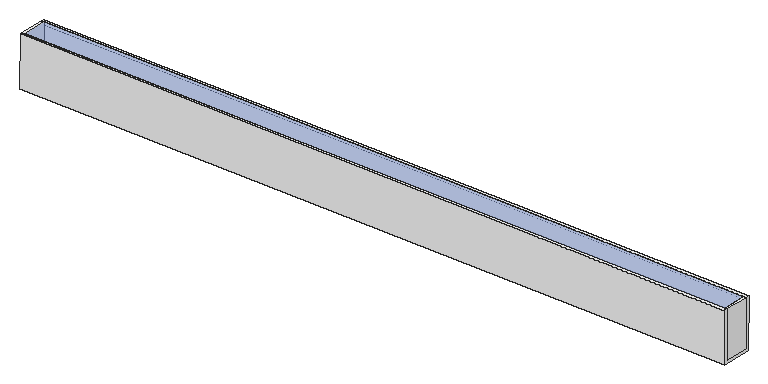
Revit family "NBS_GnrlPrpseLmnrs_StripLight", category Lighting Fixtures, host Face, Revit 2016
Family settings
  Host = Face
  Part Type = Normal
  Round Connector Dimension = Use Diameter
  Cut with Voids When Loaded = No
  Light Source = Yes
  Shared = No
  Room Calculation Point = No
Parameters (values of type "Recessed")
  Wattage = 13.4642 W
  WarrantyStartDate [instance] = "1900-12-31T23:59:59"
  WarrantyGuarantorParts = "n/a"
  WarrantyGuarantorLabor = "n/a"
  WarrantyDurationUnit = "year"
  WarrantyDurationParts = "n/a"
  WarrantyDurationLabor = "n/a"
  WarrantyDescription = "n/a"
  built-in parameter 1150110 = 1 (stored number, unit not read)
  Version = "2"  # constant formula
  Uniclass2015Version = "Products v1.10"  # constant formula
  Uniclass2015Title = "Recessed luminaires"
  Uniclass2015Code = "Pr_70_70_48_71"
  URL = "www.nationalbimlibrary.com"
  TotalWattage = 0
  built-in parameter 1114217 = 1 (stored number, unit not read)
  Tilt Angle = 90.00°
  built-in parameter 1150109 = 1 (stored number, unit not read)
  built-in parameter 1150134 = 3
  TagNumber [instance] = "n/a"
  SustainabilityPerformance = "n/a"
  SurfaceMounted = no
  built-in parameter 1150113 = 1 (stored number, unit not read)
  Status = "UNSET"
  Size = "1450 x 60 x 100 mm"
  Shape = "n/a"
  SerialNumber [instance] = "n/a"
  SensibleLoadToRadiant = 0
  Revision = "n/a"
  ReplacementCost = "n/a"
  Reference = "n/a"
  Recessed = yes
  Width = 60.00 mm
  RightEndCap [instance] = yes
  RatedVoltage = 0
  RatedCurrent = 0
  ProductInformation = "www.nationalbimlibrary.com"
  PowerFactor = 0
  Photometric Web File = "generic"
  OmniClassVersion = "Table 22 2012-05-16"
  OmniClassTitle = "Interior Lighting"
  OmniClassCode = "22-26 51 00"
  NumberOfSources = 0
  NumberOfPoles = 0
  built-in parameter 1150142 = (empty or 0)
  NominalWidth = 60.00 mm
  NominalLength = 1450.00 mm
  NominalHeight = 100.00 mm
  NominalFrequencyRange = "n/a"
  Name = "GeneralPurposeLuminaires_StripLight_Recessed"
  NBSReference = "90-60-50/405"
  NBSDescription = "General purpose luminaires"
  NBSCertification = "www.nationalbimlibrary.com/cert/fqfkblel"
  ModelReference = "Recessed Strip Light"
  ModelNumber = "n/a"
  Model = ModelReference  # "Recessed Strip Light"
  MaximumSpaceSensibleLoad = 0
  MaximumPlenumSensibleLoad = 0
  Material = "n/a"
  ManufacturerURL = "n/a"
  ManufacturerName = "n/a"
  Manufacturer = "info@thenbs.com"
  MaintenanceFactor = 0
  built-in parameter 1150105 = 159.15 (stored number, unit not read)
  Lumens = 2000 lm
  built-in parameter 1150115 = 1 (stored number, unit not read)
  LightFixturePlacingType = "UNSET"
  LightFixtureMountingType = "RECESSED"
  LightFixtureMaterial = NBS_Concept
  built-in parameter 1150137 = (empty or 0)
  built-in parameter 1150139 = (empty or 0)
  Length = 1450.00 mm
  LeftEndCap [instance] = yes
  built-in parameter 1150112 = 1 (stored number, unit not read)
  built-in parameter 1150114 = 1 (stored number, unit not read)
  InsulationStandardClass = "UNSET"
  InstallationDate [instance] = "1900-12-31T23:59:59"
  built-in parameter 1150132 = 2
  built-in parameter 1150102 = (empty or 0)
  built-in parameter 1150107 = 3200 (stored number, unit not read)
  built-in parameter 1150138 = (empty or 0)
  built-in parameter 1150106 = 1.5915 (stored number, unit not read)
  IfcExportType = "DIRECTIONSOURCE"  # constant formula
  IfcExportAs = "IfcLightFixtureType"  # constant formula
  IP_Code = "n/a"
  IK_Code = "n/a"
  HasProtectiveEarth = no
  Grade = "n/a"
  Finish = "n/a"
  Features = "n/a"
  ExpectedLife = "n/a"
  Emit from Rectangle Width = Width - (CaseThickness * 2)  # 50.00 mm
  Emit from Rectangle Length = Length - (CaseThickness * 2)  # 1440.00 mm
  Emit Shape Visible in Rendering = yes
  built-in parameter 1150104 = 13.8 (stored number, unit not read)
  DurationUnit = "year"
  DropCalc [instance] = if(Recessed, 0.00 mm, if(SurfaceMounted, Height, if(Drop < Height + 30.00 mm, Height + 30.00 mm, Drop)))  # 0.00 mm
  Drop [instance] = 0.00 mm
  Dimming Lamp Color Temperature Shift = <None>
  DiffuserMaterial = NBS_LuminaireGlass_Clear
  Description = "Generic recessed strip light"
  Cost = 0
  CordVisibility = not(or(Recessed, SurfaceMounted))  # no
  CordLength [instance] = if(or(Recessed, SurfaceMounted), 30.00 mm, if((Drop < Height + 30.00 mm), 30.00 mm, DropCalc - Height))  # 30.00 mm
  Constituents = "n/a"
  ConductorFunction = "UNSET"
  Color Filter = 16777215
  Color = "n/a"
  CodePerformance = "n/a"
  Category = "Pr_70_70_48_71:Recessed luminaires"
  CaseThickness = 5.00 mm
  Height = 100.00 mm
  Default Elevation = 1200.00 mm
  BarCode [instance] = "n/a"
  built-in parameter 1114218 = 1 (stored number, unit not read)
  BIMObjectName = "NBS_GeneralPurposeLuminaires_StripLight_Recessed"
  Author = "NBS"  # constant formula
  built-in parameter 1150133 = 10 (stored number, unit not read)
  AssetType = "Fixed"
  AssetIdentifier [instance] = "n/a"
  AccessibilityPerformance = "n/a"
Types (3, lengths in mm): name | Uniclass2015Title | Uniclass2015Code | SurfaceMounted | Recessed | Name | ModelReference | Model | LightFixtureMountingType | DropCalc | Drop | Description | CordVisibility | CordLength | Category | BIMObjectName
  Recessed | "Recessed luminaires" | "Pr_70_70_48_71" | no | yes | "GeneralPurposeLuminaires_StripLight_Recessed" | "Recessed Strip Light" | "Recessed Strip Light" | "RECESSED" | 0.00 | 0.00 | "Generic recessed strip light" | no | 30.00 | "Pr_70_70_48_71:Recessed luminaires" | "NBS_GeneralPurposeLuminaires_StripLight_Recessed"
  SurfaceMounted | "Surface luminaires" | "Pr_70_70_48_85" | yes | no | "GeneralPurposeLuminaires_StripLight_SurfaceMounted" | "Surface Mount Strip Light" | "Surface Mount Strip Light" | "SURFACE" | 100.00 | 0.00 | "Generic surface mount strip light" | no | 30.00 | "Pr_70_70_48_85:Surface luminaires" | "NBS_GeneralPurposeLuminaires_StripLight_SurfaceMounted"
  Suspended | "Suspended luminaires" | "Pr_70_70_48_86" | no | no | "GeneralPurposeLuminaires_StripLight_Suspended" | "Suspended Strip Light" | "Suspended Strip Light" | "SUSPENDED" | 500.00 | 500.00 | "Generic recessed strip light" | yes | 400.00 | "Pr_70_70_48_86:Suspended luminaires" | "NBS_GeneralPurposeLuminaires_StripLight_Suspended"
Reference planes
  plane 1 "Center (Front/Back)": y = 0
  plane 2: z = 0
  plane 3 "Center (Left/Right)": x = 0
  plane 4 "Left": x = -725
  plane 5 "Right": x = 725
  plane 6 "Back": y = 30
  plane 7 "Front": y = -30
  plane 8 "Bottom": z = 0
  plane 9 "Top": z = -100
  plane 10: x = -720
  plane 11: x = 720
  plane 12: y = 25
  plane 13: y = -25
  plane 14: z = -95
  plane 15: z = -5
  plane 16: x = -625
  plane 17: x = 625
  plane 18: z = 30
  plane 19: z = 30
  plane 20: z = 30
  plane 21 "LightSource": z = 0.5
Forms (mm)
  Extrusion 1, solid, material "NBS_Concept" <- "LightFixtureMaterial"
    sketch origin (0, 0, 0) x (0, 1, 0) y (0, 0, 1)
      loop
        line (25, 0) -> (25, -95) -> (-25, -95) -> (-25, 0) -> (-30, 0) -> (-30, -100) -> (30, -100) -> (30, 0) -> (25, 0)
    from -725 to 725
  Extrusion 2, solid, material "NBS_Concept" <- "LightFixtureMaterial", visible <- "LeftEndCap"
    sketch origin (-1524, -4572, -100) x (-1, 0, 0) y (0, -1, 0)
      loop
        line (-799, -4597) -> (-799, -4547) -> (-804, -4547) -> (-804, -4597) -> (-799, -4597)
    from 5 to 100
  Extrusion 3, solid, material "NBS_Concept" <- "LightFixtureMaterial", visible <- "RightEndCap"
    sketch origin (-1524, -4572, -100) x (-1, 0, 0) y (0, -1, 0)
      loop
        line (-2244, -4597) -> (-2244, -4547) -> (-2249, -4547) -> (-2249, -4597) -> (-2244, -4597)
    from 5 to 100
  Extrusion 4, solid, material "NBS_LuminaireGlass_Clear" <- "DiffuserMaterial"
    sketch origin (0, 0, 0) x (0, 1, 0) y (0, 0, 1)
      loop
        line (25, 0) -> (-25, 0) -> (-25, -5) -> (25, -5) -> (25, 0)
    from -720 to 720
  Extrusion 5, void
    sketch origin (-1524, -4572, -100) x (-1, 0, 0) y (0, -1, 0)
      loop
        line (-799, -4602) -> (-799, -4542) -> (-2249, -4542) -> (-2249, -4602) -> (-799, -4602)
    from 0 to 100
  Extrusion 6, solid, material "NBS_Concept" <- "LightFixtureMaterial", visible <- "CordVisibility"
    sketch origin (-1524, -4572, -100) x (-1, 0, 0) y (0, -1, 0)
      loop
        circle (-899, -4572) r 1
      loop
        circle (-2149, -4572) r 1
    from 130 to 100
  Revolve 7, solid, material "NBS_Concept" <- "LightFixtureMaterial", visible <- "CordVisibility", detail levels fine
    sketch origin (0, 0, 0) x (1, 0, 0) y (0, 0, 1)
      loop
        line (-626, 0) -> (-626, 30) -> (-630, 30) -> (-630, 0) -> (-626, 0)
      axis (-625, 30) -> (-625, 0)
    angle from 0 to 360
  Revolve 8, solid, material "NBS_Concept" <- "LightFixtureMaterial", visible <- "CordVisibility", detail levels fine
    sketch origin (0, 0, 0) x (1, 0, 0) y (0, 0, 1)
      loop
        line (624, 0) -> (624, 30) -> (620, 30) -> (620, 0) -> (624, 0)
      axis (625, 30) -> (625, 0)
    angle from 0 to 360
Dimensions and locks
  "Height": plane 8 "Bottom" to plane 9 "Top"
  equal spacing: plane 6 "Back", plane 1 "Center (Front/Back)", plane 7 "Front"
  "Width": plane 6 "Back" to plane 7 "Front"
  equal spacing: plane 4 "Left", plane 3 "Center (Left/Right)", plane 5 "Right"
  "Length": plane 4 "Left" to plane 5 "Right"
  "CaseThickness": plane 4 "Left" to plane 10
  "CaseThickness": plane 11 to plane 5 "Right"
  "CaseThickness": plane 6 "Back" to plane 12
  "CaseThickness": plane 13 to plane 7 "Front"
  "CaseThickness": plane 14 to plane 9 "Top"
  locked: plane 8 "Bottom" to plane 15 at 5
  "DropCalc": plane 8 "Bottom" to level
  locked: plane 16 to plane 4 "Left" at 100
  locked: plane 17 to plane 5 "Right" at 100
  "CordLength": plane 18 to level
  plane 19 to level = 30.00 mm
  plane 20 to level = 30.00 mm
  plane 17 to Revolve 8 sketch curve to Revolve 8 sketch curve = 1.00 mm locked, 4.00 mm locked
  locked: plane 21 "LightSource" to plane 8 "Bottom" at 0.5
  aligned and locked: plane 2 to host face
  aligned and locked: level to host face
  aligned and locked: Extrusion 1 to plane 4 "Left"
  aligned and locked: Extrusion 1 to plane 5 "Right"
  aligned and locked: plane 4 "Left" to Extrusion 2 sketch curve
  aligned and locked: Extrusion 2 sketch curve to plane 10
  aligned and locked: plane 12 to Extrusion 1 sketch curve
  aligned and locked: plane 13 to Extrusion 1 sketch curve
  aligned and locked: Extrusion 1 sketch curve to plane 14
  aligned and locked: Extrusion 2 sketch curve to plane 12
  aligned and locked: Extrusion 2 sketch curve to plane 13
  aligned and locked: Extrusion 2 to plane 14
  aligned and locked: plane 8 "Bottom" to Extrusion 2
  aligned and locked: plane 11 to Extrusion 3 sketch curve
  aligned and locked: plane 5 "Right" to Extrusion 3 sketch curve
  aligned and locked: Extrusion 3 sketch curve to plane 12
  aligned and locked: Extrusion 3 sketch curve to plane 13
  aligned and locked: Extrusion 3 to plane 14
  aligned and locked: plane 8 "Bottom" to Extrusion 3
  aligned and locked: plane 15 to Extrusion 4 sketch curve
  aligned and locked: Extrusion 4 sketch curve to plane 8 "Bottom"
  aligned and locked: Extrusion 4 sketch curve to plane 12
  aligned and locked: Extrusion 4 sketch curve to plane 13
  aligned and locked: plane 11 to Extrusion 4
  aligned and locked: Extrusion 4 to plane 10
  aligned and locked: Extrusion 5 sketch curve to plane 6 "Back"
  aligned and locked: plane 4 "Left" to Extrusion 5 sketch curve
  aligned and locked: plane 7 "Front" to Extrusion 5 sketch curve
  aligned and locked: plane 5 "Right" to Extrusion 5 sketch curve
  aligned and locked: Extrusion 5 to plane 9 "Top"
  aligned and locked: plane 8 "Bottom" to Extrusion 5
  aligned and locked: plane 1 "Center (Front/Back)" to Extrusion 6 sketch curve  (x2)
  aligned and locked: plane 16 to Extrusion 6 sketch curve
  aligned and locked: plane 17 to Extrusion 6 sketch curve
  aligned and locked: Extrusion 6 to level
  aligned and locked: Extrusion 6 to plane 18
  aligned and locked: plane 16 to Revolve 7 sketch curve
  aligned and locked: plane 19 to Revolve 7 sketch curve
  aligned and locked: Revolve 8 sketch curve to plane 20
  aligned and locked: Revolve 8 sketch curve to plane 17
  aligned and locked: plane 21 "LightSource" to imposter light
  aligned and locked: plane 1 "Center (Front/Back)" to imposter light
  aligned and locked: plane 3 "Center (Left/Right)" to imposter light
Automatic sketch dimensions
  host sketch curve to host sketch curve = 1604.427 mm
  host sketch curve to host sketch curve = 196.318 mm
  Extrusion 1 sketch curve to plane 7 "Front" = 0.00 mm
  Extrusion 1 sketch curve to plane 8 "Bottom" = 0.00 mm  (x2)
  Extrusion 1 sketch curve to plane 6 "Back" = 0.00 mm
  Extrusion 1 sketch curve to plane 9 "Top" = 0.00 mm
  Revolve 7 sketch curve to level = 0.00 mm
  plane 16 to Revolve 7 sketch curve = 1.00 mm
  Revolve 7 sketch curve to Revolve 7 sketch curve = 4.00 mm
  Revolve 7 sketch curve to level = 37.053 mm
  Revolve 7 sketch curve to Revolve 7 sketch curve = 12.947 mm
  Revolve 8 sketch curve to level = 0.00 mm
  Revolve 8 sketch curve to level = 32.818 mm
  plane 20 to Revolve 8 sketch curve = 17.182 mm
  radius of Extrusion 6 sketch curve = 1.00 mm  (x2)
Connectors
  electrical at (625, 0, 0)
    settings: on Revolve 8, index 1, voltage 0 V, apparent load 0 VA, apparent load phase1 0 VA, apparent load phase2 0 VA, apparent load phase3 0 VA, power factor 1, load classification "Lighting", number of poles 1, system type 31, power factor state 1, is connector primary yes, connector utility no, sub classification motor no, connector description ""
